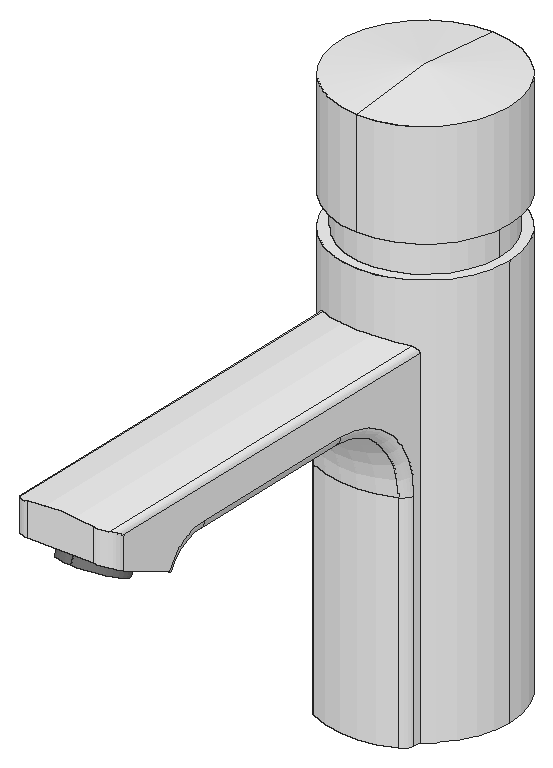
Revit family "PRD_FrankeWS_WtrSpplFttngsFrWshBsnsAndTrghs_SelfClosingPillarMixer_F5SV1001,1002", category Plumbing Fixtures, Revit 2018
Family settings
  Round Connector Dimension = Use Diameter
  Part Type = Normal
  OmniClass Number = 23.45.55.14
  OmniClass Title = Single Faucets
  Work Plane-Based = Yes
  Always vertical = Yes
  Cut with Voids When Loaded = No
  Shared = No
  Room Calculation Point = No
Parameters (values of type "F5SV1001 - 0.08 L/s")
  WarrantyStartDate [instance] = "1900-12-31T23:59:59"
  WarrantyGuarantorParts = "n/a"
  WarrantyGuarantorLabor = "n/a"
  WarrantyDurationUnit = "year"
  WarrantyDurationParts = "n/a"
  WarrantyDurationLabor = "n/a"
  WarrantyDescription = "n/a"
  VolumeFlowRate = "0.08 L/s at 3 bar"
  Version = "1"
  Uniclass2015Version = "Products v1.10"
  Uniclass2015Title = "Washbasin taps"
  Uniclass2015Code = "Pr_40_20_87_98"
  URL = "www.kwc.com"
  TypeOfTap = "pillar tap"
  TypeOfOperation = "Manual operation"
  TypeOfMounting = "TAPHOLE"
  TypeOfMixing = "no mixing"
  ThermalDisinfection = "no"
  TagNumber [instance] = "n/a"
  SustainabilityPerformance = "n/a"
  SpoutProjection = "125.00 mm"
  SoundInsulation = "no"
  Size = "n/a"
  Shape = "n/a"
  SerialNumber [instance] = "n/a"
  Revision = "n/a"
  ReplacementCost = "n/a"
  ProtectiveShutdown = "no"
  ProductInformation = "https://pim.kwc.com/product/2030036165/attachment/datasheet?locale=en"
  OutletMaterial = PRD_AR_SyntheticGrey
  NominalWidth = 0.000 mm
  NominalHeight = 0.000 mm
  NominalDepth = 0.000 mm
  NetWeight = 1.60 kg
  Name = "F5 self-closing pillar tap F5SV1001"
  NBSTypeID = "n/a"
  NBSReference = "45-35-70/371"
  NBSOfficeMasterTag = "n/a"
  NBSNote = "n/a"
  NBSDescription = "Water supply fittings for wash basins and troughs"
  NBSCertification = "n/a"
  ModelReference = "F5SV1001"
  ModelNumber = "2030036165"
  Model = ModelReference  # "F5SV1001"
  MinimumFlowTime = "5.00 seconds"
  MinimumFlowPressure = "0.50 bar"
  MaximumFlowTime = "35.00 seconds"
  Material = "Brass"
  ManufacturerURL = "www.kwc.com"
  ManufacturerName = "KWC Group AG"  # constant formula
  Manufacturer = ManufacturerName  # "KWC Group AG"
  IntegralAccessories = "n/a"
  InstallationDate [instance] = "1900-12-31T23:59:59"
  InletSize = "DN 15 (3/8 inch.)"
  IfcExportType = "FAUCET"
  IfcExportAs = "IfcValveType"
  HygieneFlushing = "no"
  GrossWeight = 1.72 kg
  Grade = "n/a"
  FunctionalPrinciple = "Hydraulic self-closing"
  Form = "Self-closing"
  FlowColdWater = 0.15 L/s
  Finish = "high-polished chromium-plated brass"
  Features = "n/a"
  FaucetType = "PILLAR"
  FaucetTopDescription = "n/a"
  FaucetOperation = "SELFCLOSING"
  FaucetMaterial = PRD_AR_ChromatedBrass_HighPolished
  FaucetFunction = "MIXED"
  ExpectedLife = "n/a"
  DurationUnit = "year"
  Depressurised = "no"
  Default Elevation = 750.000 mm
  DiameterNominal = 15 mm
  Description = "F5S self-closing pillar tap DN 15 for sanitary facilities. FRAMIC self-closing cartridge, hydraulically controlled, low-maintenance and stagnation-free, with ceramic disc technology, self-closing, flow pressure-independent due to medium-separated design. Stepless adjustment of flow duration. For connection to pre-mixed hot water or cold water via hose including strainer seal. All-metal construction, high-polished chromium-plated brass. Anti-theft aerator, SLIM design, with integrated flow regulator 5.0 l/min."
  CreateOn = "04/2019"  # constant formula
  Constituents = "n/a"
  Color = "Chrome"
  CodePerformance = "n/a"
  Category = "Pr_40_20_87_98, Washbasin taps"
  BarCode [instance] = "n/a"
  BIMObjectName = "PRD_AR_WaterSupplyFittingsForWashBasinsAndTroughs_SelfClosingPillarTap_F5SV1001"
  Author = "Archispace"  # constant formula
  AssetType = "Fixed"
  AssetIdentifier [instance] = "n/a"
  AdjustableFlowTime = "yes"
  AccessibilityPerformance = "n/a"
Types (2, lengths in mm): name | VolumeFlowRate | ProductInformation | Name | ModelReference | ModelNumber | Model | Description | BIMObjectName
  F5SV1001 - 0.08 L/s | "0.08 L/s at 3 bar" | "https://pim.kwc.com/product/2030036165/attachment/datasheet?locale=en" | "F5 self-closing pillar tap F5SV1001" | "F5SV1001" | "2030036165" | "F5SV1001" | "F5S self-closing pillar tap DN 15 for sanitary facilities. FRAMIC self-closing cartridge, hydraulically controlled, low-maintenance and stagnation-free, with ceramic disc technology, self-closing, flow pressure-independent due to medium-separated design. Stepless adjustment of flow duration. For connection to pre-mixed hot water or cold water via hose including strainer seal. All-metal construction, high-polished chromium-plated brass. Anti-theft aerator, SLIM design, with integrated flow regulator 5.0 l/min." | "PRD_AR_WaterSupplyFittingsForWashBasinsAndTroughs_SelfClosingPillarTap_F5SV1001"
  F5SV1002 - 0.05 L/s | "0.05 L/s at 3 bar" | "https://pim.kwc.com/product/2030039426/attachment/datasheet?locale=en" | "F5 self-closing pillar tap F5SV1002" | "F5SV1002" | "2030039426" | "F5SV1002" | "F5S self-closing pillar tap DN 15 for sanitary facilities. FRAMIC self-closing cartridge, hydraulically controlled, low-maintenance and stagnation-free, with ceramic disc technology, self-closing, flow pressure-independent due to medium-separated design. Stepless adjustment of flow duration. For connection to pre-mixed hot water or cold water via hose including strainer seal. All-metal construction, high-polished chromium-plated brass. Aerator with integrated flow regulator 3.0 l/min." | "PRD_AR_WaterSupplyFittingsForWashBasinsAndTroughs_SelfClosingPillarTap_F5SV1002"
Reference planes
  plane 1 "Center (Front/Back)": y = 0
  plane 2: z = 0
  plane 3 "Center (Left/Right)": x = 0
Forms (mm)
  Extrusion 1, solid, material "PRD_AR_ChromatedBrass_HighPolished" <- "FaucetMaterial", detail levels fine
    sketch origin (0, 0, 0) x (1, 0, 0) y (0, 1, 0)
      loop
        circle (0, 0) r 25.7
    from 0 to 125.446
  Extrusion 2, solid, material "PRD_AR_ChromatedBrass_HighPolished" <- "FaucetMaterial", detail levels fine
    sketch origin (0, 0, 0) x (1, 0, 0) y (0, 1, 0)
      loop
        circle (0, 0) r 22.7
    from 125.446 to 135.35
  Revolve 3, solid, material "PRD_AR_ChromatedBrass_HighPolished" <- "FaucetMaterial", detail levels fine
    sketch origin (0, 0, 0) x (0, 1, 0) y (0, 0, 1)
      loop
        line (0, 135.35) -> (25.7, 135.35) -> (25.7, 167.134)
        arc (25.7, 167.134) -> (12.911, 169.019) -> (0, 169.65) r 132.5
        line (0, 169.65) -> (0, 135.35)
      axis (0, 135.35) -> (0, 169.65)
    angle from 0 to 360
  Extrusion 4, solid, material "PRD_AR_ChromatedBrass_HighPolished" <- "FaucetMaterial", detail levels fine
    sketch origin (0, 0, 0) x (0, 1, 0) y (0, 0, 1)
      loop
        line (-138, 98.301) -> (-110.522, 85.488)
        arc (-110.522, 85.488) -> (-106.913, 88.8) -> (-102.163, 90) r 10
        line (-102.163, 90) -> (-50.9, 90)
        arc (-50.9, 90) -> (-35.344, 83.556) -> (-28.9, 68) r 22
        line (-28.9, 68) -> (-28.9, 0) -> (0, 0) -> (0, 109) -> (-138, 109) -> (-138, 98.301)
    from -15 to 15
  Sweep 5, void
    path origin (0, 0, 0) x (0, 1, 0) y (0, 0, 1)
      loop
        arc (-112.163, 80) -> (-109.234, 87.071) -> (-102.163, 90) r 10
        line (-102.163, 90) -> (-50.9, 90)
        arc (-50.9, 90) -> (-35.344, 83.556) -> (-28.9, 68) r 22
        line (-28.9, 68) -> (-28.9, 0)
    profile origin (0, -28.9, 34) x (1, 0, 0) y (0, 1, 0)
      loop
        line (15, -5) -> (15, 5.94)
        arc (15, 5.94) -> (14.263, 4.095) -> (12.729, 2.832) r 4
        arc (12.729, 2.832) -> (0, 0) -> (-12.729, 2.832) r 30.022
        arc (-12.729, 2.832) -> (-14.263, 4.095) -> (-15, 5.94) r 4
        line (-15, 5.94) -> (-15, -5) -> (15, -5)
  Extrusion 6, void
    sketch origin (0, 0, 0) x (1, 0, 0) y (0, 0, 1)
      loop
        arc (-13.448, 107.473) -> (0, 109) -> (13.448, 107.473) r 60
        arc (13.448, 107.473) -> (14.565, 106.77) -> (15, 105.524) r 2
        line (15, 105.524) -> (15, 110.662) -> (-15, 110.662) -> (-15, 105.524)
        arc (-15, 105.524) -> (-14.565, 106.77) -> (-13.448, 107.473) r 2
    from 0 to 250
  Extrusion 7, void
    sketch origin (0, 0, 0) x (1, 0, 0) y (0, 1, 0)
      loop
        line (-15, -132.909) -> (-15, -138) -> (-9.909, -138)
        arc (-9.909, -138) -> (-13.509, -136.509) -> (-15, -132.909) r 5.091
      loop
        arc (15, -132.909) -> (13.509, -136.509) -> (9.909, -138) r 5.091
        line (9.909, -138) -> (15, -138) -> (15, -132.909)
    from 0 to 250
  Revolve 8, solid, material "PRD_AR_SyntheticGrey" <- "OutletMaterial", detail levels fine
    sketch origin (0, 0, 0) x (0, 1, 0) y (0, 0, 1)
      loop
        line (-132.841, 95.896) -> (-134.321, 92.724) -> (-125.847, 88.772) -> (-124.368, 91.944) -> (-132.841, 95.896)
      axis (-124.368, 91.944) -> (-125.847, 88.772)
    angle from 0 to 360
  Extrusion 9, solid, not visible, detail levels coarse
    sketch origin (0, 0, 0) x (1, 0, 0) y (0, 1, 0)
      loop
        circle (5.9, 0) r 4.763
    from 0 to 1
  Extrusion 10, solid, material "PRD_AR_ChromatedBrass_HighPolished" <- "FaucetMaterial", detail levels medium
    sketch origin (0, 0, 0) x (1, 0, 0) y (0, 1, 0)
      loop
        circle (0, 0) r 25.7
    from 0 to 169.65
  Extrusion 11, solid, material "PRD_AR_ChromatedBrass_HighPolished" <- "FaucetMaterial", detail levels medium
    sketch origin (0, 0, 0) x (1, 0, 0) y (0, 0, 1)
      loop
        line (-15, 109) -> (-15, 85.488) -> (15, 85.488) -> (15, 109) -> (-15, 109)
    from 0 to 138
  Extrusion 12, solid, material "PRD_AR_ChromatedBrass_HighPolished" <- "FaucetMaterial", detail levels coarse
    sketch origin (0, 0, 0) x (0, 1, 0) y (0, 0, 1)
      loop
        line (-138, 0) -> (25.7, 0) -> (25.7, 169.65) -> (-138, 169.65) -> (-138, 0)
    from -25.7 to 25.7
Cuts and joins
  Sweep 5, Extrusion 6, Extrusion 7 cuts Extrusion 4
  joined: Extrusion 1, Extrusion 2, Revolve 3, Extrusion 4
  joined: Extrusion 10, Extrusion 11
Dimensions and locks
  aligned and locked: level to plane 2
Connectors
  piping at (5.9, 0, 0), diameter 15, driven by "FlowColdWater", driven by "DiameterNominal", driven by "InletSize"
    settings: on Extrusion 9, index 2, connector inside diameter 609.6 mm, connector length 0.000 mm, flow factor 0, pipe flow 0.15 L/s, pressure drop 0.0 Pa, fitting loss kfactor 0, connector angle 0.00°, fixture units 0, engagement length 0.000 mm, angle of deflection 0.00°, flow configuration 1, flow direction 1, fitting loss method 0, system type 20, joint type 0, gender type 0, connector reference index -1, connector utility 0, adjustable connector no, is connector primary yes, connector description "DN 15 (3/8 inch.)"
